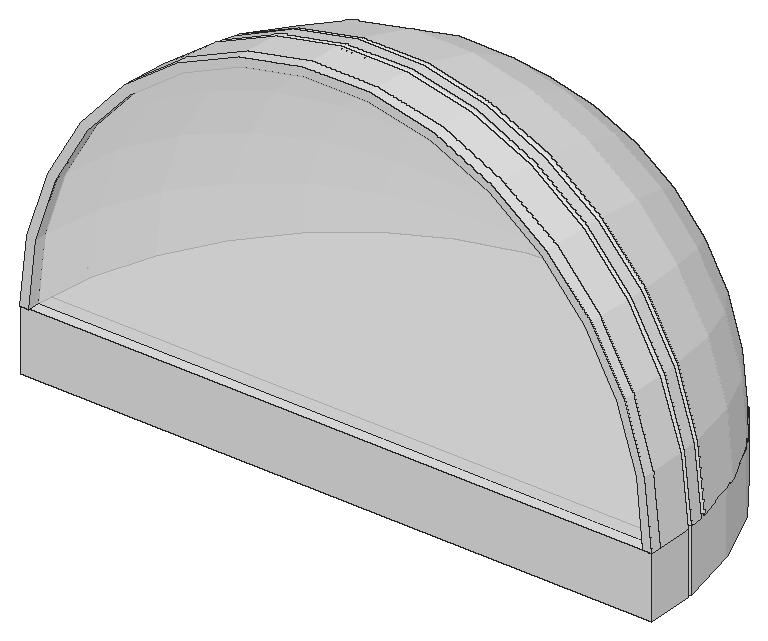
Revit family "QSP1", category Lighting Fixtures, host Face, Revit 2021
Family settings
  Host = Face
  Round Connector Dimension = Use Diameter
  Part Type = Normal
  OmniClass Number = 23.80.70.11
  OmniClass Title = Luminaries for Internal Lighting
  Cut with Voids When Loaded = No
  Light Source = Yes
  Shared = No
  Room Calculation Point = No
Parameters (values of type "QSP WH")
  Wattage Comments = "15W/20W/30W"  # constant formula
  Wattage = 36 W
  built-in parameter 1150110 = 1 (stored number, unit not read)
  Voltage = 120 V
  URL = "https://www.currentlighting.com/beacon"
  built-in parameter 1114217 = 1 (stored number, unit not read)
  Tilt Angle = -90.00°
  built-in parameter 1150109 = 1 (stored number, unit not read)
  built-in parameter 1150134 = 3
  built-in parameter 1150113 = 1 (stored number, unit not read)
  Product Page URL = ""
  Product Documentation Link = ""
  Photometric Web File = "RDI 42F WT TRP RTP QSP.ies"
  Model = "QSP1"  # constant formula
  Manufacturer = "Beacon"  # constant formula
  built-in parameter 1150105 = 425.54 (stored number, unit not read)
  Lumens = 5347.51 lm
  built-in parameter 1150115 = 1 (stored number, unit not read)
  Load Classification = Lighting
  built-in parameter 1150137 = (empty or 0)
  built-in parameter 1150139 = (empty or 0)
  built-in parameter 1150112 = 1 (stored number, unit not read)
  built-in parameter 1150114 = 1 (stored number, unit not read)
  Lamp = "LED"  # constant formula
  Opal lens = Etched Glass
  built-in parameter 1150132 = (empty or 0)
  built-in parameter 1150102 = (empty or 0)
  built-in parameter 1150107 = 3200 (stored number, unit not read)
  built-in parameter 1150138 = (empty or 0)
  built-in parameter 1150106 = 4.2554 (stored number, unit not read)
  Emit from Circle Diameter = 6"  # constant formula
  Emit Shape Visible in Rendering = no
  built-in parameter 1150104 = 13.8 (stored number, unit not read)
  Dimming Lamp Color Temperature Shift = <None>
  Description = "Architectural wallpack in two stylish shapes."  # constant formula
  Default Elevation = 48"
  Finish = White
  Color Filter = 16777215
  built-in parameter 1114218 = 1 (stored number, unit not read)
  built-in parameter 1150133 = 10 (stored number, unit not read)
  Apparent Load = 0 VA
Types (6): name | Finish
  (no name) | White
  QSP PS | Platinum
  QSP BK | Black
  QSP GR | Gray
  QSP WH | White
  QSP DB | Bronze
Reference planes (in)
  plane 1 "Center (Front/Back)": y = 2
  plane 2: z = 0
  plane 3 "Center (Left/Right)": x = 0
  plane 4: x = -6.545
  plane 5: x = 6.545
  plane 6: z = 7.81
  plane 7: y = -4.79
  plane 8: z = 1.265
Forms (in)
  Revolve 1, solid, material "White" <- "Finish"
    sketch origin (0, 0, 0) x (0, 1, 0) y (0, 0, 1)
      loop
        line (1.81608, 1.265) -> (1.9953, 1.265)
        arc (1.9953, 1.265) -> (0.51277, 5.4133) -> (-3.26319, 7.68231) r 6.545
        arc (-3.26319, 7.68231) -> (-3.34076, 7.6298) -> (-3.39367, 7.7071) r 0.06641
        arc (-3.39367, 7.7071) -> (-3.53645, 7.73109) -> (-3.67972, 7.75192) r 6.545
        arc (-3.67972, 7.75192) -> (-3.75586, 7.69188) -> (-3.8151, 7.76864) r 0.06821
        arc (-3.8151, 7.76864) -> (-4.18182, 7.79965) -> (-4.5497, 7.81) r 6.545
        line (-4.5497, 7.81) -> (-4.79, 7.81) -> (-4.79, 7.63078) -> (-4.5497, 7.63078)
        arc (-4.5497, 7.63078) -> (-0.04841, 5.76629) -> (1.81608, 1.265) r 6.36578
      axis (1.9953, 1.265) -> (-4.79, 1.265)
    angle from -90 to 90
  Extrusion 2, solid, material "White" <- "Finish"
    sketch origin (0, 0, 0) x (1, 0, 0) y (0, 1, 0)
      loop
        arc (-6.48692, -3.67972) -> (-6.44364, -3.75379) -> (-6.50364, -3.8151) r 0.07072
        arc (-6.50364, -3.8151) -> (-6.54031, -4.30186) -> (-6.54059, -4.79) r 6.545
        line (-6.54059, -4.79) -> (6.54059, -4.79)
        arc (6.54059, -4.79) -> (6.54031, -4.30186) -> (6.50364, -3.8151) r 6.545
        arc (6.50364, -3.8151) -> (6.44364, -3.75379) -> (6.48692, -3.67972) r 0.07072
        arc (6.48692, -3.67972) -> (4.27423, 0.40691) -> (-0.09333, 1.99463) r 6.545
        arc (-0.09333, 1.99463) -> (-4.18429, 0.48306) -> (-6.41731, -3.26319) r 6.545
        arc (-6.41731, -3.26319) -> (-6.3648, -3.34076) -> (-6.4421, -3.39367) r 0.06641
        arc (-6.4421, -3.39367) -> (-6.46609, -3.53645) -> (-6.48692, -3.67972) r 6.545
    from 0 to 1.265
  Extrusion 3, solid, material "Etched Glass" <- "Opal lens"
    sketch origin (0, 2, 0) x (1, 0, 0) y (0, 0, 1)
      loop
        arc (6.36578, 1.265) -> (0, 7.63078) -> (-6.36578, 1.265) r 6.36578
        line (-6.36578, 1.265) -> (6.36578, 1.265)
    from 6.25658 to 6.55543
Dimensions and locks (in)
  equal spacing: plane 4, plane 3 "Center (Left/Right)", plane 5
  locked: plane 4 to plane 5 at 13.09
  plane 6 to plane 2 = 7.81"
  plane 7 to plane 1 "Center (Front/Back)" = 6.79"
  plane 6 to plane 8 = 6.545"
  aligned and locked: plane 2 to host face
  aligned and locked: level to host face
  aligned and locked: Extrusion 2 to level
Automatic sketch dimensions
  host sketch curve to host sketch curve = 96"  (x2)
  Extrusion 2 sketch curve to plane 4 = 0.00441"
  Extrusion 2 sketch curve to plane 5 = 0.00441"
  Extrusion 2 sketch curve to plane 4 = 0.05808"
  plane 1 "Center (Front/Back)" to Extrusion 2 sketch curve = 0.00537"
  Extrusion 2 sketch curve to Extrusion 2 sketch curve = 0"  (x8)
  Extrusion 2 sketch curve to plane 4 = 0.03118"
  Extrusion 2 sketch curve to plane 4 = 0.04136"
  Extrusion 2 sketch curve to plane 5 = 0.05808"
  Extrusion 2 sketch curve to plane 5 = 0.04136"
  Extrusion 2 sketch curve to Extrusion 2 sketch curve = 0.13538"
  plane 7 to Extrusion 2 sketch curve = 0"
  Extrusion 2 sketch curve to plane 5 = 0.03118"
  Extrusion 2 sketch curve to plane 3 "Center (Left/Right)" = 0"
  Extrusion 2 sketch curve to plane 3 "Center (Left/Right)" = 0.09333"
  Extrusion 3 sketch curve to plane 3 "Center (Left/Right)" = 0"
  Extrusion 3 sketch curve to plane 5 = 0.17922"
  level to Extrusion 3 sketch curve = 1.265"
  Revolve 1 sketch curve to Revolve 1 sketch curve = 0"  (x6)
  Revolve 1 sketch curve to plane 7 = 0"
  Revolve 1 sketch curve to plane 6 = 0"
  Revolve 1 sketch curve to plane 8 = 0"  (x2)
  Revolve 1 sketch curve to plane 6 = 0.04136"
  Revolve 1 sketch curve to plane 6 = 0.05042"
  Revolve 1 sketch curve to Revolve 1 sketch curve = 0.0676"
  Revolve 1 sketch curve to plane 6 = 0.05808"
  Revolve 1 sketch curve to plane 6 = 0.11496"
  Revolve 1 sketch curve to Revolve 1 sketch curve = 1.79217"
  Revolve 1 sketch curve to Revolve 1 sketch curve = 1.97139"
  Revolve 1 sketch curve to Revolve 1 sketch curve = 0.17922"
  Revolve 1 sketch curve to Revolve 1 sketch curve = 0.06518"
  Revolve 1 sketch curve to Revolve 1 sketch curve = 0.0653"
  plane 1 "Center (Front/Back)" to Revolve 1 sketch curve = 0.18392"
  Extrusion 2 sketch curve to plane 4 = 0.1029"
  Extrusion 2 sketch curve to Extrusion 2 sketch curve = 0.01206"
  Extrusion 2 sketch curve to Extrusion 2 sketch curve = 0.01272"
  Extrusion 2 sketch curve to Extrusion 2 sketch curve = 0.06518"
  radius of Revolve 1 sketch curve = 17/256"
Connectors (in)
  electrical at (0, 0, 0), driven by "Voltage", driven by "Apparent Load", driven by "Load Classification"
    settings: index 1, voltage 120 V, apparent load 0 VA, apparent load phase1 0 VA, apparent load phase2 0 VA, apparent load phase3 0 VA, power factor 1, load classification "Lighting", number of poles 1, system type 30, power factor state 1, is connector primary yes, connector utility no, sub classification motor no, connector description "Electrical Connector"
